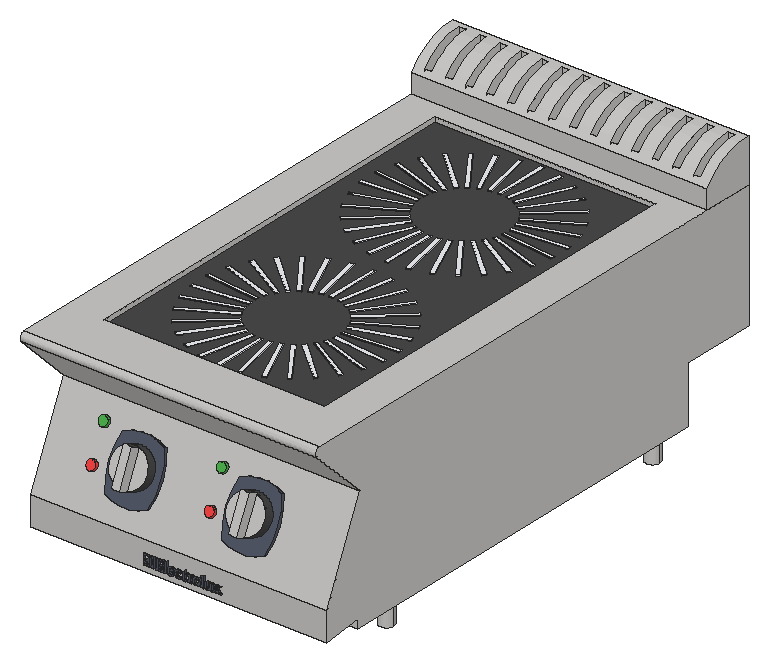
Revit family "QF_ELECTROLUXPROFESSIONAL_371131_E7INED200N", category Specialty Equipment, Revit 2018 (continued)
Lines and regions (mm)
  symbolic lines
    curve 242: line (315.455, -451.829, 266.887) -> (312.955, -447.499, 266.887)
    curve 243: line (296.465, -425.488, 266.887) -> (241.922, -474.6, 266.887)
    curve 244: line (241.922, -474.6, 266.887) -> (245.267, -478.316, 266.887)
    curve 245: line (245.267, -478.316, 266.887) -> (299.811, -429.204, 266.887)
    curve 246: line (299.811, -429.204, 266.887) -> (296.465, -425.488, 266.887)
    curve 247: line (275.76, -407.387, 266.887) -> (232.619, -466.765, 266.887)
    curve 248: line (232.619, -466.765, 266.887) -> (236.664, -469.704, 266.887)
    curve 249: line (236.664, -469.704, 266.887) -> (279.805, -410.326, 266.887)
    curve 250: line (279.805, -410.326, 266.887) -> (275.76, -407.387, 266.887)
    curve 251: line (251.743, -393.986, 266.887) -> (221.891, -461.036, 266.887)
    curve 252: line (221.891, -461.036, 266.887) -> (226.458, -463.07, 266.887)
    curve 253: line (226.458, -463.07, 266.887) -> (256.311, -396.019, 266.887)
    curve 254: line (256.311, -396.019, 266.887) -> (251.743, -393.986, 266.887)
    curve 255: line (225.465, -385.871, 266.887) -> (210.206, -457.663, 266.887)
    curve 256: line (210.206, -457.663, 266.887) -> (215.096, -458.702, 266.887)
    curve 257: line (215.096, -458.702, 266.887) -> (230.356, -386.91, 266.887)
    curve 258: line (230.356, -386.91, 266.887) -> (225.465, -385.871, 266.887)
    curve 259: line (198.074, -383.397, 266.887) -> (198.074, -456.792, 266.887)
    curve 260: line (198.074, -456.792, 266.887) -> (203.074, -456.792, 266.887)
    curve 261: line (203.074, -456.792, 266.887) -> (203.074, -383.397, 266.887)
    curve 262: line (203.074, -383.397, 266.887) -> (198.074, -383.397, 266.887)
    curve 263: line (170.768, -386.671, 266.887) -> (186.028, -458.463, 266.887)
    curve 264: line (186.028, -458.463, 266.887) -> (190.918, -457.424, 266.887)
    curve 265: line (190.918, -457.424, 266.887) -> (175.658, -385.632, 266.887)
    curve 266: line (175.658, -385.632, 266.887) -> (170.768, -386.671, 266.887)
    curve 267: line (144.738, -395.552, 266.887) -> (174.591, -462.602, 266.887)
    curve 268: line (174.591, -462.602, 266.887) -> (179.159, -460.569, 266.887)
    curve 269: line (179.159, -460.569, 266.887) -> (149.306, -393.518, 266.887)
    curve 270: line (149.306, -393.518, 266.887) -> (144.738, -395.552, 266.887)
    curve 271: line (121.124, -409.65, 266.887) -> (164.265, -469.029, 266.887)
    curve 272: line (164.265, -469.029, 266.887) -> (168.311, -466.09, 266.887)
    curve 273: line (168.311, -466.09, 266.887) -> (125.17, -406.711, 266.887)
    curve 274: line (125.17, -406.711, 266.887) -> (121.124, -409.65, 266.887)
    curve 275: line (100.958, -428.35, 266.887) -> (155.501, -477.462, 266.887)
    curve 276: line (155.501, -477.462, 266.887) -> (158.847, -473.746, 266.887)
    curve 277: line (158.847, -473.746, 266.887) -> (104.303, -424.635, 266.887)
    curve 278: line (104.303, -424.635, 266.887) -> (100.958, -428.35, 266.887)
    curve 279: line (85.12, -450.834, 266.887) -> (148.682, -487.532, 266.887)
    curve 280: line (148.682, -487.532, 266.887) -> (151.182, -483.202, 266.887)
    curve 281: line (151.182, -483.202, 266.887) -> (87.62, -446.504, 266.887)
    curve 282: line (87.62, -446.504, 266.887) -> (85.12, -450.834, 266.887)
    curve 283: line (74.302, -476.12, 266.887) -> (144.106, -498.801, 266.887)
    curve 284: line (144.106, -498.801, 266.887) -> (145.651, -494.046, 266.887)
    curve 285: line (145.651, -494.046, 266.887) -> (75.847, -471.365, 266.887)
    curve 286: line (75.847, -471.365, 266.887) -> (74.302, -476.12, 266.887)
    curve 287: line (68.979, -503.103, 266.887) -> (141.972, -510.775, 266.887)
    curve 288: line (141.972, -510.775, 266.887) -> (142.495, -505.802, 266.887)
    curve 289: line (142.495, -505.802, 266.887) -> (69.501, -498.13, 266.887)
    curve 290: line (69.501, -498.13, 266.887) -> (68.979, -503.103, 266.887)
    curve 291: line (69.381, -530.602, 266.887) -> (142.375, -522.93, 266.887)
    curve 292: line (142.375, -522.93, 266.887) -> (141.852, -517.958, 266.887)
    curve 293: line (141.852, -517.958, 266.887) -> (68.858, -525.629, 266.887)
    curve 294: line (68.858, -525.629, 266.887) -> (69.381, -530.602, 266.887)
    curve 295: line (75.492, -557.417, 266.887) -> (145.296, -534.736, 266.887)
    curve 296: line (145.296, -534.736, 266.887) -> (143.751, -529.981, 266.887)
    curve 297: line (143.751, -529.981, 266.887) -> (73.947, -552.662, 266.887)
    curve 298: line (73.947, -552.662, 266.887) -> (75.492, -557.417, 266.887)
    curve 299: line (87.045, -582.375, 266.887) -> (150.608, -545.677, 266.887)
    curve 300: line (150.608, -545.677, 266.887) -> (148.108, -541.347, 266.887)
    curve 301: line (148.108, -541.347, 266.887) -> (84.545, -578.045, 266.887)
    curve 302: line (84.545, -578.045, 266.887) -> (87.045, -582.375, 266.887)
    curve 303: line (103.535, -604.386, 266.887) -> (158.078, -555.275, 266.887)
    curve 304: line (158.078, -555.275, 266.887) -> (154.733, -551.559, 266.887)
    curve 305: line (154.733, -551.559, 266.887) -> (100.189, -600.671, 266.887)
    curve 306: line (100.189, -600.671, 266.887) -> (103.535, -604.386, 266.887)
    curve 307: line (124.24, -622.488, 266.887) -> (167.381, -563.109, 266.887)
    curve 308: line (167.381, -563.109, 266.887) -> (163.336, -560.17, 266.887)
    curve 309: line (163.336, -560.17, 266.887) -> (120.195, -619.549, 266.887)
    curve 310: line (120.195, -619.549, 266.887) -> (124.24, -622.488, 266.887)
    curve 311: line (148.257, -635.889, 266.887) -> (178.109, -568.839, 266.887)
    curve 312: line (178.109, -568.839, 266.887) -> (173.542, -566.805, 266.887)
    curve 313: line (173.542, -566.805, 266.887) -> (143.689, -633.855, 266.887)
    curve 314: line (143.689, -633.855, 266.887) -> (148.257, -635.889, 266.887)
Dimensions and locks
  equal spacing: plane 3 "LEFT", plane 7 "Center Y", plane 4 "RIGHT"
  "Width": plane 3 "LEFT" to plane 4 "RIGHT"
  equal spacing: plane 5 "FRONT", plane 8 "Center X", plane 1 "BACK"
  "Depth": plane 5 "FRONT" to plane 1 "BACK"
  "Height": plane 6 "TOP" to level
  "Base Height": plane 9 "BASE" to level
  plane 1 "BACK" to plane 5 "FRONT" = 730 mm
  plane 10 "TOP A" to plane 9 "BASE" = 249.237 mm
  aligned and locked: level to plane 2
  aligned and locked: plane 4 "RIGHT" to Extrusion 1
  aligned and locked: plane 4 "RIGHT" to Extrusion 2
  aligned and locked: plane 9 "BASE" to Extrusion 18
  aligned and locked: plane 6 "TOP" to Extrusion 25
Automatic sketch dimensions
  Extrusion 27 sketch curve to Extrusion 27 sketch curve = 5 mm
  Extrusion 27 sketch curve to Extrusion 27 sketch curve = 73.396 mm
  Extrusion 28 sketch curve to Extrusion 28 sketch curve = 5 mm
  Extrusion 28 sketch curve to Extrusion 28 sketch curve = 73.396 mm
  Extrusion 29 sketch curve to Extrusion 29 sketch curve = 5 mm
  Extrusion 29 sketch curve to Extrusion 29 sketch curve = 73.396 mm
  Extrusion 30 sketch curve to Extrusion 30 sketch curve = 5 mm
  Extrusion 30 sketch curve to Extrusion 30 sketch curve = 73.396 mm
  Extrusion 31 sketch curve to Extrusion 31 sketch curve = 5 mm
  Extrusion 31 sketch curve to Extrusion 31 sketch curve = 73.396 mm
  Extrusion 32 sketch curve to Extrusion 32 sketch curve = 5 mm
  Extrusion 32 sketch curve to Extrusion 32 sketch curve = 73.396 mm
  Extrusion 33 sketch curve to Extrusion 33 sketch curve = 5 mm
  Extrusion 33 sketch curve to Extrusion 33 sketch curve = 73.396 mm
  Extrusion 34 sketch curve to Extrusion 34 sketch curve = 5 mm
  Extrusion 34 sketch curve to Extrusion 34 sketch curve = 73.396 mm
  Extrusion 35 sketch curve to Extrusion 35 sketch curve = 5 mm
  Extrusion 35 sketch curve to Extrusion 35 sketch curve = 73.396 mm
  Extrusion 36 sketch curve to Extrusion 36 sketch curve = 5 mm
  Extrusion 36 sketch curve to Extrusion 36 sketch curve = 73.396 mm
  Extrusion 37 sketch curve to Extrusion 37 sketch curve = 5 mm
  Extrusion 37 sketch curve to Extrusion 37 sketch curve = 73.396 mm
  Extrusion 38 sketch curve to Extrusion 38 sketch curve = 5 mm
  Extrusion 38 sketch curve to Extrusion 38 sketch curve = 73.396 mm
  Extrusion 39 sketch curve to Extrusion 39 sketch curve = 5 mm
  Extrusion 39 sketch curve to Extrusion 39 sketch curve = 73.396 mm
  Extrusion 40 sketch curve to Extrusion 40 sketch curve = 5 mm
  Extrusion 40 sketch curve to Extrusion 40 sketch curve = 73.396 mm
  Extrusion 41 sketch curve to Extrusion 41 sketch curve = 5 mm
  Extrusion 41 sketch curve to Extrusion 41 sketch curve = 73.396 mm
  Extrusion 42 sketch curve to Extrusion 42 sketch curve = 5 mm
  Extrusion 42 sketch curve to Extrusion 42 sketch curve = 73.396 mm
  Extrusion 43 sketch curve to Extrusion 43 sketch curve = 5 mm
  Extrusion 43 sketch curve to Extrusion 43 sketch curve = 73.396 mm
  Extrusion 44 sketch curve to Extrusion 44 sketch curve = 5 mm
  Extrusion 44 sketch curve to Extrusion 44 sketch curve = 73.396 mm
  Extrusion 45 sketch curve to Extrusion 45 sketch curve = 5 mm
  Extrusion 45 sketch curve to Extrusion 45 sketch curve = 73.396 mm
  Extrusion 46 sketch curve to Extrusion 46 sketch curve = 5 mm
  Extrusion 46 sketch curve to Extrusion 46 sketch curve = 73.396 mm
  Extrusion 47 sketch curve to Extrusion 47 sketch curve = 5 mm
  Extrusion 47 sketch curve to Extrusion 47 sketch curve = 73.396 mm
  Extrusion 48 sketch curve to Extrusion 48 sketch curve = 5 mm
  Extrusion 48 sketch curve to Extrusion 48 sketch curve = 73.396 mm
  Extrusion 49 sketch curve to Extrusion 49 sketch curve = 5 mm
  Extrusion 49 sketch curve to Extrusion 49 sketch curve = 73.396 mm
  Extrusion 50 sketch curve to Extrusion 50 sketch curve = 5 mm
  Extrusion 50 sketch curve to Extrusion 50 sketch curve = 73.396 mm
  Extrusion 51 sketch curve to Extrusion 51 sketch curve = 5 mm
  Extrusion 51 sketch curve to Extrusion 51 sketch curve = 73.396 mm
  Extrusion 52 sketch curve to Extrusion 52 sketch curve = 5 mm
  Extrusion 52 sketch curve to Extrusion 52 sketch curve = 73.396 mm
  Extrusion 53 sketch curve to Extrusion 53 sketch curve = 5 mm
  Extrusion 53 sketch curve to Extrusion 53 sketch curve = 73.396 mm
  Extrusion 54 sketch curve to Extrusion 54 sketch curve = 5 mm
  Extrusion 54 sketch curve to Extrusion 54 sketch curve = 73.396 mm
  Extrusion 55 sketch curve to Extrusion 55 sketch curve = 5 mm
  Extrusion 55 sketch curve to Extrusion 55 sketch curve = 73.396 mm
  Extrusion 56 sketch curve to Extrusion 56 sketch curve = 5 mm
  Extrusion 56 sketch curve to Extrusion 56 sketch curve = 73.396 mm
  Extrusion 57 sketch curve to Extrusion 57 sketch curve = 5 mm
  Extrusion 57 sketch curve to Extrusion 57 sketch curve = 73.396 mm
  Extrusion 58 sketch curve to Extrusion 58 sketch curve = 5 mm
  Extrusion 58 sketch curve to Extrusion 58 sketch curve = 73.396 mm
  Extrusion 59 sketch curve to Extrusion 59 sketch curve = 5 mm
  Extrusion 59 sketch curve to Extrusion 59 sketch curve = 73.396 mm
  Extrusion 60 sketch curve to Extrusion 60 sketch curve = 5 mm
  Extrusion 60 sketch curve to Extrusion 60 sketch curve = 73.396 mm
  Extrusion 61 sketch curve to Extrusion 61 sketch curve = 5 mm
  Extrusion 61 sketch curve to Extrusion 61 sketch curve = 73.396 mm
  Extrusion 62 sketch curve to Extrusion 62 sketch curve = 5 mm
  Extrusion 62 sketch curve to Extrusion 62 sketch curve = 73.396 mm
  Extrusion 63 sketch curve to Extrusion 63 sketch curve = 5 mm
  Extrusion 63 sketch curve to Extrusion 63 sketch curve = 73.396 mm
  Extrusion 64 sketch curve to Extrusion 64 sketch curve = 5 mm
  Extrusion 64 sketch curve to Extrusion 64 sketch curve = 73.396 mm
  Extrusion 65 sketch curve to Extrusion 65 sketch curve = 5 mm
  Extrusion 65 sketch curve to Extrusion 65 sketch curve = 73.396 mm
  Extrusion 66 sketch curve to Extrusion 66 sketch curve = 5 mm
  Extrusion 66 sketch curve to Extrusion 66 sketch curve = 73.396 mm
  Extrusion 67 sketch curve to Extrusion 67 sketch curve = 5 mm
  Extrusion 67 sketch curve to Extrusion 67 sketch curve = 73.396 mm
  Extrusion 68 sketch curve to Extrusion 68 sketch curve = 5 mm
  Extrusion 68 sketch curve to Extrusion 68 sketch curve = 73.396 mm
  Extrusion 69 sketch curve to Extrusion 69 sketch curve = 5 mm
  Extrusion 69 sketch curve to Extrusion 69 sketch curve = 73.396 mm
  Extrusion 70 sketch curve to Extrusion 70 sketch curve = 5 mm
  Extrusion 70 sketch curve to Extrusion 70 sketch curve = 73.396 mm
  Extrusion 71 sketch curve to Extrusion 71 sketch curve = 5 mm
  Extrusion 71 sketch curve to Extrusion 71 sketch curve = 73.396 mm
  Extrusion 72 sketch curve to Extrusion 72 sketch curve = 5 mm
  Extrusion 72 sketch curve to Extrusion 72 sketch curve = 73.396 mm
  Extrusion 73 sketch curve to Extrusion 73 sketch curve = 5 mm
  Extrusion 73 sketch curve to Extrusion 73 sketch curve = 73.396 mm
  Extrusion 74 sketch curve to Extrusion 74 sketch curve = 5 mm
  Extrusion 74 sketch curve to Extrusion 74 sketch curve = 73.396 mm
  Extrusion 75 sketch curve to Extrusion 75 sketch curve = 5 mm
  Extrusion 75 sketch curve to Extrusion 75 sketch curve = 73.396 mm
  Extrusion 76 sketch curve to Extrusion 76 sketch curve = 5 mm
  Extrusion 76 sketch curve to Extrusion 76 sketch curve = 73.396 mm
  Extrusion 77 sketch curve to Extrusion 77 sketch curve = 5 mm
  Extrusion 77 sketch curve to Extrusion 77 sketch curve = 73.396 mm
  Extrusion 78 sketch curve to Extrusion 78 sketch curve = 5 mm
  Extrusion 78 sketch curve to Extrusion 78 sketch curve = 73.396 mm
  Extrusion 79 sketch curve to Extrusion 79 sketch curve = 5 mm
  Extrusion 79 sketch curve to Extrusion 79 sketch curve = 73.396 mm
  Extrusion 80 sketch curve to Extrusion 80 sketch curve = 5 mm
  Extrusion 80 sketch curve to Extrusion 80 sketch curve = 73.396 mm
  Extrusion 81 sketch curve to Extrusion 81 sketch curve = 5 mm
  Extrusion 81 sketch curve to Extrusion 81 sketch curve = 73.396 mm
  Extrusion 82 sketch curve to Extrusion 82 sketch curve = 5 mm
  Extrusion 82 sketch curve to Extrusion 82 sketch curve = 73.396 mm
  Extrusion 83 sketch curve to Extrusion 83 sketch curve = 5 mm
  Extrusion 83 sketch curve to Extrusion 83 sketch curve = 73.396 mm
  Extrusion 84 sketch curve to Extrusion 84 sketch curve = 5 mm
  Extrusion 84 sketch curve to Extrusion 84 sketch curve = 73.396 mm
  Extrusion 85 sketch curve to Extrusion 85 sketch curve = 5 mm
  Extrusion 85 sketch curve to Extrusion 85 sketch curve = 73.396 mm
  Extrusion 86 sketch curve to Extrusion 86 sketch curve = 5 mm
  Extrusion 86 sketch curve to Extrusion 86 sketch curve = 73.396 mm
  Extrusion 1 sketch curve to plane 10 "TOP A" = 0 mm
  Extrusion 1 sketch curve to plane 9 "BASE" = 0 mm
  Extrusion 1 sketch curve to plane 1 "BACK" = 0 mm
  Extrusion 1 sketch curve to plane 12 = 46.038 mm
  plane 11 to Extrusion 1 sketch curve = 59.531 mm
  plane 9 "BASE" to Extrusion 1 sketch curve = 12.7 mm
  plane 11 to Extrusion 1 sketch curve = 62.516 mm
  Extrusion 1 sketch curve to plane 5 "FRONT" = 16.478 mm
  Extrusion 1 sketch curve to plane 5 "FRONT" = 4.973 mm
  Extrusion 1 sketch curve to plane 5 "FRONT" = 0.483 mm
  plane 9 "BASE" to Extrusion 1 sketch curve = 7.09 mm
  Extrusion 1 sketch curve to Extrusion 1 sketch curve = 38.1 mm
  plane 9 "BASE" to Extrusion 1 sketch curve = 77.788 mm
  Extrusion 1 sketch curve to plane 10 "TOP A" = 83.191 mm
  Extrusion 1 sketch curve to plane 10 "TOP A" = 10.84 mm
  Extrusion 2 sketch curve to plane 10 "TOP A" = 0 mm
  Extrusion 2 sketch curve to plane 1 "BACK" = 0 mm
  Extrusion 2 sketch curve to plane 6 "TOP" = 0 mm
  plane 1 "BACK" to Extrusion 2 sketch curve = 1.769 mm
  plane 10 "TOP A" to Extrusion 2 sketch curve = 25.4 mm
  plane 1 "BACK" to Extrusion 2 sketch curve = 69.85 mm
  Extrusion 3 sketch curve to plane 4 "RIGHT" = 50 mm
  plane 3 "LEFT" to Extrusion 3 sketch curve = 50 mm
  Extrusion 3 sketch curve to plane 12 = 54.376 mm
  plane 11 to Extrusion 3 sketch curve = 55.377 mm
  plane 1 "BACK" to Extrusion 4 sketch curve = 6.761 mm
  plane 3 "LEFT" to Extrusion 4 sketch curve = 22.749 mm
  Extrusion 4 sketch curve to Extrusion 4 sketch curve = 9.296 mm
  Extrusion 4 sketch curve to Extrusion 4 sketch curve = 57.15 mm
  Extrusion 5 sketch curve to plane 1 "BACK" = 6.761 mm
  plane 4 "RIGHT" to Extrusion 5 sketch curve = 22.749 mm
  Extrusion 5 sketch curve to Extrusion 5 sketch curve = 9.296 mm
  Extrusion 5 sketch curve to Extrusion 5 sketch curve = 57.15 mm
  plane 1 "BACK" to Extrusion 6 sketch curve = 6.761 mm
  plane 3 "LEFT" to Extrusion 6 sketch curve = 50.737 mm
  Extrusion 6 sketch curve to Extrusion 6 sketch curve = 9.296 mm
  Extrusion 6 sketch curve to Extrusion 6 sketch curve = 57.15 mm
  plane 1 "BACK" to Extrusion 7 sketch curve = 6.761 mm
  plane 3 "LEFT" to Extrusion 7 sketch curve = 78.725 mm
  Extrusion 7 sketch curve to Extrusion 7 sketch curve = 9.296 mm
  Extrusion 7 sketch curve to Extrusion 7 sketch curve = 57.15 mm
  plane 1 "BACK" to Extrusion 8 sketch curve = 6.761 mm
  Extrusion 8 sketch curve to plane 7 "Center Y" = 93.311 mm
  Extrusion 8 sketch curve to Extrusion 8 sketch curve = 9.296 mm
  Extrusion 8 sketch curve to Extrusion 8 sketch curve = 57.15 mm
  plane 1 "BACK" to Extrusion 9 sketch curve = 6.761 mm
  Extrusion 9 sketch curve to plane 7 "Center Y" = 65.323 mm
  Extrusion 9 sketch curve to Extrusion 9 sketch curve = 9.296 mm
  Extrusion 9 sketch curve to Extrusion 9 sketch curve = 57.15 mm
  plane 1 "BACK" to Extrusion 10 sketch curve = 6.761 mm
  Extrusion 10 sketch curve to plane 7 "Center Y" = 37.335 mm
  Extrusion 10 sketch curve to Extrusion 10 sketch curve = 9.296 mm
  Extrusion 10 sketch curve to Extrusion 10 sketch curve = 57.15 mm
  Extrusion 11 sketch curve to plane 7 "Center Y" = 9.346 mm
  Extrusion 11 sketch curve to Extrusion 11 sketch curve = 9.296 mm
  plane 1 "BACK" to Extrusion 11 sketch curve = 6.761 mm
  Extrusion 11 sketch curve to Extrusion 11 sketch curve = 57.15 mm
  plane 1 "BACK" to Extrusion 12 sketch curve = 6.761 mm
  plane 7 "Center Y" to Extrusion 12 sketch curve = 18.642 mm
  Extrusion 12 sketch curve to Extrusion 12 sketch curve = 9.296 mm
  Extrusion 12 sketch curve to Extrusion 12 sketch curve = 57.15 mm
  plane 1 "BACK" to Extrusion 13 sketch curve = 6.761 mm
  plane 7 "Center Y" to Extrusion 13 sketch curve = 46.63 mm
  Extrusion 13 sketch curve to Extrusion 13 sketch curve = 9.296 mm
  Extrusion 13 sketch curve to Extrusion 13 sketch curve = 57.15 mm
  plane 1 "BACK" to Extrusion 14 sketch curve = 6.761 mm
  plane 7 "Center Y" to Extrusion 14 sketch curve = 74.619 mm
  Extrusion 14 sketch curve to Extrusion 14 sketch curve = 9.296 mm
  Extrusion 14 sketch curve to Extrusion 14 sketch curve = 57.15 mm
  plane 1 "BACK" to Extrusion 15 sketch curve = 6.761 mm
  Extrusion 15 sketch curve to plane 4 "RIGHT" = 97.418 mm
  Extrusion 15 sketch curve to Extrusion 15 sketch curve = 9.296 mm
  Extrusion 15 sketch curve to Extrusion 15 sketch curve = 57.15 mm
  plane 1 "BACK" to Extrusion 16 sketch curve = 6.761 mm
  Extrusion 16 sketch curve to plane 4 "RIGHT" = 69.43 mm
  Extrusion 16 sketch curve to Extrusion 16 sketch curve = 9.296 mm
  Extrusion 16 sketch curve to Extrusion 16 sketch curve = 57.15 mm
  plane 1 "BACK" to Extrusion 17 sketch curve = 6.761 mm
  Extrusion 17 sketch curve to plane 4 "RIGHT" = 41.441 mm
  Extrusion 17 sketch curve to Extrusion 17 sketch curve = 9.296 mm
  Extrusion 17 sketch curve to Extrusion 17 sketch curve = 57.15 mm
  plane 11 to Extrusion 18 sketch curve = 0 mm  (x2)
  plane 12 to Extrusion 18 sketch curve = 0 mm  (x2)
  plane 3 "LEFT" to Extrusion 18 sketch curve = 11.112 mm  (x2)
  Extrusion 18 sketch curve to plane 4 "RIGHT" = 11.113 mm  (x2)
  Extrusion 19 sketch curve to Extrusion 1 = 31.333 mm  (x2)
  Extrusion 19 sketch curve to Extrusion 19 sketch curve = 12.3 mm  (x3)
  Extrusion 19 sketch curve to Extrusion 19 sketch curve = 34.925 mm  (x2)
  Extrusion 1 to Extrusion 19 sketch curve = 44.467 mm
  Extrusion 1 to Extrusion 19 sketch curve = 175.117 mm
  Extrusion 19 sketch curve to Extrusion 19 sketch curve = 25.727 mm
  Extrusion 19 sketch curve to Extrusion 19 sketch curve = 25.771 mm
  Extrusion 19 sketch curve to Extrusion 19 sketch curve = 28.531 mm
  Extrusion 21 sketch curve to Extrusion 21 sketch curve = 24.732 mm
  Extrusion 21 sketch curve to Extrusion 21 sketch curve = 0 mm
  Extrusion 1 to Extrusion 22 sketch curve = 29.678 mm
  Extrusion 1 to Extrusion 22 sketch curve = 65.648 mm
  Extrusion 23 sketch curve to Extrusion 1 = 54.522 mm
  Extrusion 1 to Extrusion 23 sketch curve = 65.648 mm
  Extrusion 1 to Extrusion 24 sketch curve = 33.906 mm
  Extrusion 1 to Extrusion 24 sketch curve = 63.5 mm
  plane 1 "BACK" to Extrusion 25 sketch curve = 0 mm
  Extrusion 25 sketch curve to plane 3 "LEFT" = 0 mm
  Extrusion 25 sketch curve to plane 4 "RIGHT" = 0 mm
  Extrusion 25 sketch curve to plane 3 "LEFT" = 150.019 mm
  plane 5 "FRONT" to Extrusion 25 sketch curve = 1.377 mm  (x2)
  plane 4 "RIGHT" to Extrusion 25 sketch curve = 150.019 mm
  Extrusion 25 sketch curve to plane 1 "BACK" = 150.019 mm
  curve 65 to plane 4 "RIGHT" = 0 mm
  curve 5 to plane 3 "LEFT" = 0 mm
  curve 63 to plane 3 "LEFT" = 0 mm
  plane 1 "BACK" to curve 5 = 0 mm
  plane 5 "FRONT" to curve 6 = 0 mm
  plane 4 "RIGHT" to curve 3 = 150.019 mm
  curve 12 to plane 4 "RIGHT" = 13.453 mm
  curve 11 to curve 14 = 9.296 mm
  curve 12 to curve 59 = 18.693 mm
  curve 59 to curve 62 = 9.296 mm
  curve 60 to curve 55 = 18.693 mm
  curve 55 to curve 56 = 9.296 mm
  plane 1 "BACK" to curve 51 = 6.761 mm
  curve 57 to curve 51 = 18.693 mm
  curve 51 to curve 52 = 9.296 mm
  curve 52 to curve 47 = 18.693 mm
  curve 47 to curve 48 = 9.296 mm
  plane 1 "BACK" to curve 43 = 6.761 mm
  curve 49 to curve 43 = 18.693 mm
  curve 43 to curve 44 = 9.296 mm
  plane 7 "Center Y" to curve 39 = 18.642 mm
  curve 39 to curve 40 = 9.296 mm
  curve 36 to plane 7 "Center Y" = 9.346 mm
  curve 35 to curve 38 = 9.296 mm
  curve 36 to curve 32 = 18.693 mm
  curve 31 to curve 32 = 9.296 mm
  plane 1 "BACK" to curve 30 = 6.761 mm
  curve 33 to curve 30 = 18.693 mm
  curve 27 to curve 28 = 9.296 mm
  plane 1 "BACK" to curve 23 = 6.761 mm
  curve 29 to curve 23 = 18.693 mm
  curve 23 to curve 24 = 9.296 mm
  curve 24 to curve 20 = 18.693 mm
  curve 19 to curve 20 = 9.296 mm
  curve 20 to curve 15 = 18.693 mm
  curve 15 to curve 16 = 9.296 mm
  curve 16 to curve 63 = 9.691 mm
  plane 1 "BACK" to curve 10 = 6.761 mm
  curve 17 to curve 10 = 18.693 mm
  curve 7 to curve 9 = 9.296 mm
  plane 5 "FRONT" to curve 1 = 1.377 mm
  curve 1 to plane 3 "LEFT" = 150.019 mm
  curve 2 to plane 1 "BACK" = 150.019 mm
  plane 1 "BACK" to curve 61 = 6.761 mm
  plane 1 "BACK" to curve 58 = 6.761 mm
  plane 1 "BACK" to curve 11 = 6.761 mm
  plane 1 "BACK" to curve 15 = 6.761 mm
  plane 1 "BACK" to curve 50 = 6.761 mm
  plane 1 "BACK" to curve 19 = 6.761 mm
  plane 1 "BACK" to curve 42 = 6.761 mm
  plane 1 "BACK" to curve 38 = 6.761 mm
  plane 1 "BACK" to curve 31 = 6.761 mm
  curve 33 to curve 33 = 57.15 mm
  curve 29 to curve 32 = 0 mm
  curve 31 to curve 35 = 0 mm
  curve 25 to curve 28 = 0 mm
  curve 35 to curve 39 = 0 mm
  curve 21 to curve 24 = 0 mm
  curve 39 to curve 43 = 0 mm
  curve 17 to curve 20 = 0 mm
  curve 43 to curve 47 = 0 mm
  curve 13 to curve 13 = 57.15 mm
  curve 47 to curve 51 = 0 mm
  curve 9 to curve 16 = 0 mm
  curve 51 to curve 55 = 0 mm
  curve 55 to curve 61 = 0 mm
  curve 8 to curve 64 = 5.939 mm
  curve 11 to curve 65 = 5.939 mm
  curve 64 to plane 12 = 26.988 mm
  plane 5 "FRONT" to curve 3 = 1.377 mm
  Extrusion 26 sketch curve to plane 7 "Center Y" = 0 mm
  plane 9 "BASE" to Extrusion 26 sketch curve = 10.651 mm
  plane 9 "BASE" to Extrusion 26 sketch curve = 15.692 mm
  plane 9 "BASE" to Extrusion 26 sketch curve = 15.711 mm
  Extrusion 26 sketch curve to Extrusion 26 sketch curve = 0 mm  (x28)
  Extrusion 26 sketch curve to Extrusion 26 sketch curve = 5.108 mm  (x2)
  Extrusion 26 sketch curve to Extrusion 26 sketch curve = 0.054 mm
  Extrusion 26 sketch curve to Extrusion 26 sketch curve = 0.218 mm
  Extrusion 26 sketch curve to Extrusion 26 sketch curve = 0.195 mm
  Extrusion 26 sketch curve to Extrusion 26 sketch curve = 0.249 mm
  plane 9 "BASE" to Extrusion 26 sketch curve = 16.008 mm
  Extrusion 26 sketch curve to Extrusion 26 sketch curve = 0.087 mm
  Extrusion 26 sketch curve to Extrusion 26 sketch curve = 0.358 mm
  Extrusion 26 sketch curve to Extrusion 26 sketch curve = 0.481 mm
  Extrusion 26 sketch curve to Extrusion 26 sketch curve = 0.597 mm
  Extrusion 26 sketch curve to Extrusion 26 sketch curve = 0.544 mm
  Extrusion 26 sketch curve to Extrusion 26 sketch curve = 0.936 mm
  Extrusion 26 sketch curve to Extrusion 26 sketch curve = 0.594 mm
  Extrusion 26 sketch curve to Extrusion 26 sketch curve = 0.343 mm
  Extrusion 26 sketch curve to Extrusion 26 sketch curve = 0.159 mm
  Extrusion 26 sketch curve to Extrusion 26 sketch curve = 0.826 mm
  Extrusion 26 sketch curve to Extrusion 26 sketch curve = 0.839 mm
  Extrusion 26 sketch curve to Extrusion 26 sketch curve = 0.852 mm
  Extrusion 26 sketch curve to Extrusion 26 sketch curve = 0.887 mm
  Extrusion 26 sketch curve to Extrusion 26 sketch curve = 0.928 mm
  Extrusion 26 sketch curve to Extrusion 26 sketch curve = 0.938 mm
  Extrusion 26 sketch curve to Extrusion 26 sketch curve = 0.444 mm
  Extrusion 26 sketch curve to Extrusion 26 sketch curve = 1.11 mm  (x3)
  Extrusion 26 sketch curve to Extrusion 26 sketch curve = 0.215 mm
  Extrusion 26 sketch curve to Extrusion 26 sketch curve = 1.43 mm
  Extrusion 26 sketch curve to Extrusion 26 sketch curve = 1.188 mm
  Extrusion 26 sketch curve to Extrusion 26 sketch curve = 1.21 mm  (x2)
  Extrusion 26 sketch curve to Extrusion 26 sketch curve = 0.503 mm
  Extrusion 26 sketch curve to Extrusion 26 sketch curve = 0.488 mm
  Extrusion 26 sketch curve to Extrusion 26 sketch curve = 0.462 mm
  Extrusion 26 sketch curve to Extrusion 26 sketch curve = 1.386 mm
  Extrusion 26 sketch curve to Extrusion 26 sketch curve = 1.742 mm  (x2)
  Extrusion 26 sketch curve to Extrusion 26 sketch curve = 0.821 mm
  Extrusion 26 sketch curve to Extrusion 26 sketch curve = 0.497 mm
  Extrusion 26 sketch curve to Extrusion 26 sketch curve = 0.539 mm
  Extrusion 26 sketch curve to Extrusion 26 sketch curve = 0.686 mm
  Extrusion 26 sketch curve to Extrusion 26 sketch curve = 0.408 mm
  Extrusion 26 sketch curve to Extrusion 26 sketch curve = 0.528 mm
  Extrusion 26 sketch curve to Extrusion 26 sketch curve = 1.16 mm
  Extrusion 26 sketch curve to Extrusion 26 sketch curve = 0.329 mm
  Extrusion 26 sketch curve to Extrusion 26 sketch curve = 1.054 mm
  Extrusion 26 sketch curve to Extrusion 26 sketch curve = 1.056 mm
  Extrusion 26 sketch curve to Extrusion 26 sketch curve = 0.129 mm
  Extrusion 26 sketch curve to Extrusion 26 sketch curve = 0.489 mm
  Extrusion 26 sketch curve to Extrusion 26 sketch curve = 0.441 mm
  Extrusion 26 sketch curve to Extrusion 26 sketch curve = 1.151 mm
  Extrusion 26 sketch curve to Extrusion 26 sketch curve = 1.141 mm  (x2)
  Extrusion 26 sketch curve to Extrusion 26 sketch curve = 0.768 mm
  Extrusion 26 sketch curve to Extrusion 26 sketch curve = 1.653 mm
  Extrusion 26 sketch curve to Extrusion 26 sketch curve = 0.499 mm
  Extrusion 26 sketch curve to Extrusion 26 sketch curve = 0.964 mm
  Extrusion 26 sketch curve to Extrusion 26 sketch curve = 0.949 mm
  Extrusion 26 sketch curve to Extrusion 26 sketch curve = 1.345 mm  (x2)
  Extrusion 26 sketch curve to Extrusion 26 sketch curve = 1.101 mm
  Extrusion 26 sketch curve to Extrusion 26 sketch curve = 0.432 mm
  Extrusion 26 sketch curve to Extrusion 26 sketch curve = 1.142 mm
  Extrusion 26 sketch curve to Extrusion 26 sketch curve = 0.959 mm
  Extrusion 26 sketch curve to Extrusion 26 sketch curve = 0.176 mm
  Extrusion 26 sketch curve to Extrusion 26 sketch curve = 0.728 mm
  Extrusion 26 sketch curve to Extrusion 26 sketch curve = 3.375 mm  (x2)
  Extrusion 26 sketch curve to Extrusion 26 sketch curve = 0.541 mm
  Extrusion 26 sketch curve to Extrusion 26 sketch curve = 0.955 mm
  Extrusion 26 sketch curve to Extrusion 26 sketch curve = 1.251 mm
  Extrusion 26 sketch curve to Extrusion 26 sketch curve = 0.572 mm
  Extrusion 26 sketch curve to Extrusion 26 sketch curve = 1.92 mm
  Extrusion 26 sketch curve to Extrusion 26 sketch curve = 1.224 mm
  Extrusion 26 sketch curve to Extrusion 26 sketch curve = 0.745 mm
  plane 7 "Center Y" to Extrusion 26 sketch curve = 0.572 mm
  Extrusion 26 sketch curve to Extrusion 26 sketch curve = 2.537 mm
  Extrusion 26 sketch curve to Extrusion 26 sketch curve = 0.896 mm  (x3)
  Extrusion 26 sketch curve to Extrusion 26 sketch curve = 0.036 mm
  Extrusion 26 sketch curve to Extrusion 26 sketch curve = 2.607 mm
  Extrusion 26 sketch curve to Extrusion 26 sketch curve = 0.066 mm
  Extrusion 26 sketch curve to Extrusion 26 sketch curve = 0.248 mm
  Extrusion 26 sketch curve to Extrusion 26 sketch curve = 0.449 mm
  Extrusion 26 sketch curve to Extrusion 26 sketch curve = 1.052 mm
  Extrusion 26 sketch curve to Extrusion 26 sketch curve = 1.863 mm
  Extrusion 26 sketch curve to Extrusion 26 sketch curve = 1.31 mm  (x2)
  Extrusion 26 sketch curve to Extrusion 26 sketch curve = 0.901 mm
  Extrusion 26 sketch curve to Extrusion 26 sketch curve = 1.107 mm
  Extrusion 26 sketch curve to Extrusion 26 sketch curve = 2.122 mm
  Extrusion 26 sketch curve to Extrusion 26 sketch curve = 2.101 mm
  Extrusion 26 sketch curve to Extrusion 26 sketch curve = 0.106 mm
  Extrusion 26 sketch curve to Extrusion 26 sketch curve = 0.029 mm
  Extrusion 26 sketch curve to Extrusion 26 sketch curve = 2.09 mm
  Extrusion 26 sketch curve to Extrusion 26 sketch curve = 1.279 mm
  Extrusion 26 sketch curve to Extrusion 26 sketch curve = 2.008 mm
  Extrusion 26 sketch curve to Extrusion 26 sketch curve = 0.738 mm
  Extrusion 26 sketch curve to Extrusion 26 sketch curve = 0.382 mm
  Extrusion 26 sketch curve to Extrusion 26 sketch curve = 0.384 mm
  Extrusion 26 sketch curve to Extrusion 26 sketch curve = 0.002 mm
  Extrusion 26 sketch curve to Extrusion 26 sketch curve = 0.561 mm
  Extrusion 26 sketch curve to Extrusion 26 sketch curve = 0.592 mm
  Extrusion 26 sketch curve to Extrusion 26 sketch curve = 2.692 mm
  Extrusion 26 sketch curve to Extrusion 26 sketch curve = 1.259 mm
  Extrusion 26 sketch curve to Extrusion 26 sketch curve = 0.802 mm
  Extrusion 26 sketch curve to Extrusion 26 sketch curve = 1.024 mm  (x2)
  Extrusion 26 sketch curve to Extrusion 26 sketch curve = 0.682 mm
  Extrusion 26 sketch curve to Extrusion 26 sketch curve = 5.934 mm
  Extrusion 26 sketch curve to Extrusion 26 sketch curve = 2.186 mm
  Extrusion 26 sketch curve to Extrusion 26 sketch curve = 0.337 mm
  Extrusion 26 sketch curve to Extrusion 26 sketch curve = 0.021 mm
  Extrusion 26 sketch curve to Extrusion 26 sketch curve = 1.005 mm
  Extrusion 26 sketch curve to Extrusion 26 sketch curve = 0.552 mm
  Extrusion 26 sketch curve to Extrusion 26 sketch curve = 0.778 mm
  Extrusion 26 sketch curve to Extrusion 26 sketch curve = 0.063 mm
  Extrusion 26 sketch curve to Extrusion 26 sketch curve = 1.023 mm
  Extrusion 26 sketch curve to Extrusion 26 sketch curve = 3.804 mm
  Extrusion 26 sketch curve to Extrusion 26 sketch curve = 0.486 mm
  Extrusion 26 sketch curve to Extrusion 26 sketch curve = 0.266 mm  (x2)
  Extrusion 26 sketch curve to Extrusion 26 sketch curve = 1.547 mm
  Extrusion 26 sketch curve to Extrusion 26 sketch curve = 0.717 mm  (x2)
  Extrusion 26 sketch curve to Extrusion 26 sketch curve = 1.667 mm
  Extrusion 26 sketch curve to Extrusion 26 sketch curve = 3.174 mm
  Extrusion 26 sketch curve to Extrusion 26 sketch curve = 0.388 mm
  Extrusion 26 sketch curve to Extrusion 26 sketch curve = 1.342 mm
  Extrusion 26 sketch curve to Extrusion 26 sketch curve = 1.521 mm
  Extrusion 26 sketch curve to Extrusion 26 sketch curve = 0.124 mm
  Extrusion 26 sketch curve to Extrusion 26 sketch curve = 0.291 mm
  plane 7 "Center Y" to Extrusion 26 sketch curve = 11.984 mm
  Extrusion 26 sketch curve to Extrusion 26 sketch curve = 1.049 mm  (x2)
  Extrusion 26 sketch curve to Extrusion 26 sketch curve = 1.7 mm
  Extrusion 26 sketch curve to Extrusion 26 sketch curve = 0.894 mm
  Extrusion 26 sketch curve to Extrusion 26 sketch curve = 0.989 mm
  Extrusion 26 sketch curve to Extrusion 26 sketch curve = 1.168 mm
  Extrusion 26 sketch curve to Extrusion 26 sketch curve = 1.594 mm
  Extrusion 26 sketch curve to Extrusion 26 sketch curve = 0.731 mm
  Extrusion 26 sketch curve to Extrusion 26 sketch curve = 1.566 mm
  Extrusion 26 sketch curve to Extrusion 26 sketch curve = 0.064 mm
  Extrusion 26 sketch curve to Extrusion 26 sketch curve = 0.556 mm  (x3)
  Extrusion 26 sketch curve to Extrusion 26 sketch curve = 0.48 mm
  Extrusion 26 sketch curve to Extrusion 26 sketch curve = 1.018 mm
  Extrusion 26 sketch curve to Extrusion 26 sketch curve = 0.787 mm
  Extrusion 26 sketch curve to Extrusion 26 sketch curve = 0.618 mm
  Extrusion 26 sketch curve to Extrusion 26 sketch curve = 1.672 mm
  Extrusion 26 sketch curve to Extrusion 26 sketch curve = 1.361 mm
  Extrusion 26 sketch curve to Extrusion 26 sketch curve = 0.822 mm
  Extrusion 26 sketch curve to Extrusion 26 sketch curve = 0.069 mm
  Extrusion 26 sketch curve to Extrusion 26 sketch curve = 1.88 mm
  Extrusion 26 sketch curve to Extrusion 26 sketch curve = 0.42 mm
  Extrusion 26 sketch curve to Extrusion 26 sketch curve = 0.062 mm
  Extrusion 26 sketch curve to Extrusion 26 sketch curve = 1.355 mm
  Extrusion 26 sketch curve to Extrusion 26 sketch curve = 2.34 mm
  Extrusion 26 sketch curve to Extrusion 26 sketch curve = 0.493 mm
  Extrusion 26 sketch curve to Extrusion 26 sketch curve = 0.136 mm
  Extrusion 26 sketch curve to Extrusion 26 sketch curve = 0.128 mm
  Extrusion 26 sketch curve to Extrusion 26 sketch curve = 3.616 mm
  Extrusion 26 sketch curve to Extrusion 26 sketch curve = 4.207 mm
  Extrusion 26 sketch curve to Extrusion 26 sketch curve = 0.183 mm
  Extrusion 26 sketch curve to Extrusion 26 sketch curve = 0.895 mm
  Extrusion 26 sketch curve to Extrusion 26 sketch curve = 1.314 mm
  Extrusion 26 sketch curve to Extrusion 26 sketch curve = 3.231 mm
  Extrusion 26 sketch curve to Extrusion 26 sketch curve = 1.299 mm
  Extrusion 26 sketch curve to Extrusion 26 sketch curve = 1.214 mm
  Extrusion 26 sketch curve to Extrusion 26 sketch curve = 1.264 mm
  Extrusion 26 sketch curve to Extrusion 26 sketch curve = 0.109 mm
  Extrusion 26 sketch curve to Extrusion 26 sketch curve = 0.357 mm
  Extrusion 26 sketch curve to Extrusion 26 sketch curve = 0.565 mm
  Extrusion 26 sketch curve to Extrusion 26 sketch curve = 2.504 mm
  Extrusion 26 sketch curve to Extrusion 26 sketch curve = 2.459 mm
  Extrusion 26 sketch curve to Extrusion 26 sketch curve = 0.32 mm
  Extrusion 26 sketch curve to Extrusion 26 sketch curve = 1.322 mm
  Extrusion 26 sketch curve to Extrusion 26 sketch curve = 1.134 mm
  Extrusion 26 sketch curve to Extrusion 26 sketch curve = 2.51 mm
  Extrusion 26 sketch curve to Extrusion 26 sketch curve = 0.187 mm
  Extrusion 26 sketch curve to Extrusion 26 sketch curve = 2.559 mm
  Extrusion 26 sketch curve to Extrusion 26 sketch curve = 1.556 mm
  Extrusion 26 sketch curve to Extrusion 26 sketch curve = 0.222 mm
  Extrusion 26 sketch curve to Extrusion 26 sketch curve = 1.383 mm
  Extrusion 26 sketch curve to Extrusion 26 sketch curve = 3.114 mm
  Extrusion 26 sketch curve to Extrusion 26 sketch curve = 3.376 mm
  Extrusion 26 sketch curve to Extrusion 26 sketch curve = 0.934 mm
  Extrusion 26 sketch curve to Extrusion 26 sketch curve = 0.191 mm
  Extrusion 26 sketch curve to Extrusion 26 sketch curve = 3.696 mm
  Extrusion 26 sketch curve to Extrusion 26 sketch curve = 2.708 mm
  Extrusion 26 sketch curve to Extrusion 26 sketch curve = 3.333 mm
  Extrusion 26 sketch curve to Extrusion 26 sketch curve = 0.332 mm
  Extrusion 26 sketch curve to Extrusion 26 sketch curve = 1.087 mm
  Extrusion 26 sketch curve to Extrusion 26 sketch curve = 2.23 mm
  Extrusion 26 sketch curve to Extrusion 26 sketch curve = 2.757 mm
  Extrusion 26 sketch curve to Extrusion 26 sketch curve = 0.987 mm
  Extrusion 26 sketch curve to Extrusion 26 sketch curve = 1.529 mm
  Extrusion 26 sketch curve to Extrusion 26 sketch curve = 1.796 mm
  Extrusion 26 sketch curve to Extrusion 26 sketch curve = 2.859 mm
  Extrusion 26 sketch curve to Extrusion 26 sketch curve = 0.853 mm
  Extrusion 26 sketch curve to Extrusion 26 sketch curve = 1.241 mm
  Extrusion 26 sketch curve to Extrusion 26 sketch curve = 2.046 mm  (x2)
  Extrusion 26 sketch curve to Extrusion 26 sketch curve = 2.422 mm
  Extrusion 26 sketch curve to Extrusion 26 sketch curve = 0.27 mm  (x2)
  Extrusion 26 sketch curve to Extrusion 26 sketch curve = 0.69 mm
  Extrusion 26 sketch curve to Extrusion 26 sketch curve = 0.781 mm  (x2)
  Extrusion 26 sketch curve to Extrusion 26 sketch curve = 3.136 mm
  Extrusion 26 sketch curve to Extrusion 26 sketch curve = 1.767 mm
  Extrusion 26 sketch curve to Extrusion 26 sketch curve = 0.138 mm
  Extrusion 26 sketch curve to Extrusion 26 sketch curve = 0.777 mm
  Extrusion 26 sketch curve to Extrusion 26 sketch curve = 1.19 mm
  Extrusion 26 sketch curve to Extrusion 26 sketch curve = 0.782 mm
  Extrusion 26 sketch curve to Extrusion 26 sketch curve = 1.268 mm
  Extrusion 26 sketch curve to Extrusion 26 sketch curve = 0.422 mm  (x2)
  Extrusion 26 sketch curve to Extrusion 26 sketch curve = 1.559 mm
  Extrusion 26 sketch curve to Extrusion 26 sketch curve = 3.927 mm
  Extrusion 26 sketch curve to Extrusion 26 sketch curve = 0.983 mm
  Extrusion 26 sketch curve to Extrusion 26 sketch curve = 0.366 mm
  Extrusion 26 sketch curve to Extrusion 26 sketch curve = 0.094 mm
  Extrusion 26 sketch curve to Extrusion 26 sketch curve = 1.584 mm
  Extrusion 26 sketch curve to Extrusion 26 sketch curve = 1.501 mm
  Extrusion 26 sketch curve to Extrusion 26 sketch curve = 1.808 mm
  Extrusion 26 sketch curve to Extrusion 26 sketch curve = 0.643 mm
  Extrusion 26 sketch curve to Extrusion 26 sketch curve = 0.916 mm
  Extrusion 26 sketch curve to Extrusion 26 sketch curve = 0.352 mm
  Extrusion 26 sketch curve to Extrusion 26 sketch curve = 0.458 mm
  Extrusion 26 sketch curve to Extrusion 26 sketch curve = 0.685 mm
  Extrusion 26 sketch curve to Extrusion 26 sketch curve = 0.905 mm
  Extrusion 26 sketch curve to Extrusion 26 sketch curve = 2.865 mm
  Extrusion 26 sketch curve to Extrusion 26 sketch curve = 0.472 mm
  Extrusion 26 sketch curve to Extrusion 26 sketch curve = 0.101 mm
  Extrusion 26 sketch curve to Extrusion 26 sketch curve = 0.54 mm
  Extrusion 26 sketch curve to Extrusion 26 sketch curve = 0.02 mm
  Extrusion 26 sketch curve to Extrusion 26 sketch curve = 0.468 mm
  Extrusion 26 sketch curve to Extrusion 26 sketch curve = 0.829 mm
  Extrusion 26 sketch curve to Extrusion 26 sketch curve = 0.582 mm
  Extrusion 26 sketch curve to Extrusion 26 sketch curve = 0.166 mm
  Extrusion 26 sketch curve to Extrusion 26 sketch curve = 0.16 mm
  Extrusion 26 sketch curve to Extrusion 26 sketch curve = 2.781 mm
  Extrusion 26 sketch curve to Extrusion 26 sketch curve = 1.118 mm
  Extrusion 26 sketch curve to Extrusion 26 sketch curve = 0.613 mm
  Extrusion 26 sketch curve to Extrusion 26 sketch curve = 0.361 mm
  Extrusion 26 sketch curve to Extrusion 26 sketch curve = 0.897 mm
  Extrusion 26 sketch curve to Extrusion 26 sketch curve = 0.167 mm
  Extrusion 26 sketch curve to Extrusion 26 sketch curve = 0.292 mm
  Extrusion 26 sketch curve to Extrusion 26 sketch curve = 0.305 mm
  Extrusion 26 sketch curve to Extrusion 26 sketch curve = 1.557 mm
  Extrusion 26 sketch curve to Extrusion 26 sketch curve = 2.499 mm
  Extrusion 26 sketch curve to Extrusion 26 sketch curve = 3.062 mm
  Extrusion 26 sketch curve to Extrusion 26 sketch curve = 2.968 mm
  Extrusion 26 sketch curve to Extrusion 26 sketch curve = 5.044 mm
  Extrusion 26 sketch curve to Extrusion 26 sketch curve = 0.629 mm  (x2)
  Extrusion 26 sketch curve to Extrusion 26 sketch curve = 1.131 mm
  Extrusion 26 sketch curve to Extrusion 26 sketch curve = 0.137 mm
  Extrusion 26 sketch curve to Extrusion 26 sketch curve = 0.027 mm
  Extrusion 26 sketch curve to Extrusion 26 sketch curve = 2.235 mm
  Extrusion 87 sketch curve to Extrusion 1 = 31.333 mm  (x2)
  Extrusion 87 sketch curve to Extrusion 87 sketch curve = 12.3 mm  (x3)
  Extrusion 87 sketch curve to Extrusion 87 sketch curve = 34.925 mm  (x2)
  Extrusion 1 to Extrusion 87 sketch curve = 44.467 mm
  Extrusion 1 to Extrusion 87 sketch curve = 66.558 mm
  Extrusion 87 sketch curve to Extrusion 87 sketch curve = 25.683 mm
  Extrusion 87 sketch curve to Extrusion 87 sketch curve = 25.727 mm
  Extrusion 87 sketch curve to Extrusion 87 sketch curve = 28.575 mm
  Extrusion 89 sketch curve to Extrusion 89 sketch curve = 24.732 mm
  Extrusion 89 sketch curve to Extrusion 89 sketch curve = 0 mm
  Extrusion 1 to Extrusion 90 sketch curve = 29.678 mm
  Extrusion 1 to Extrusion 90 sketch curve = 174.352 mm
  Extrusion 91 sketch curve to Extrusion 1 = 54.522 mm
  Extrusion 1 to Extrusion 91 sketch curve = 174.352 mm
  curve 67 to Extrusion 3 = 11.994 mm
  curve 69 to curve 69 = 11.495 mm
  curve 67 to Extrusion 3 = 263.642 mm
  curve 67 to curve 69 = 32.256 mm
  curve 72 to Extrusion 3 = 0 mm  (x3)
  curve 71 to Extrusion 3 = 0 mm
  curve 75 to curve 77 = 5 mm
  curve 76 to curve 77 = 73.396 mm
  curve 79 to curve 81 = 5 mm
  curve 80 to curve 81 = 73.396 mm
  curve 83 to curve 85 = 5 mm
  curve 84 to curve 85 = 73.396 mm
  curve 87 to curve 89 = 5 mm
  curve 88 to curve 89 = 73.396 mm
  curve 91 to curve 93 = 5 mm
  curve 92 to curve 93 = 73.396 mm
  curve 95 to curve 97 = 5 mm
  curve 96 to curve 97 = 73.396 mm
  curve 99 to curve 101 = 5 mm
  curve 100 to curve 101 = 73.396 mm
  curve 103 to curve 105 = 5 mm
  curve 104 to curve 105 = 73.396 mm
  curve 107 to curve 109 = 5 mm
  curve 108 to curve 109 = 73.396 mm
  curve 111 to curve 113 = 5 mm
  curve 112 to curve 113 = 73.396 mm
  curve 115 to curve 117 = 5 mm
  curve 116 to curve 117 = 73.396 mm
  curve 119 to curve 121 = 5 mm
  curve 120 to curve 121 = 73.396 mm
  curve 123 to curve 125 = 5 mm
  curve 124 to curve 125 = 73.396 mm
  curve 127 to curve 129 = 5 mm
  curve 128 to curve 129 = 73.396 mm
  curve 131 to curve 133 = 5 mm
  curve 132 to curve 133 = 73.396 mm
  curve 135 to curve 137 = 5 mm
  curve 136 to curve 137 = 73.396 mm
  curve 139 to curve 141 = 5 mm
  curve 140 to curve 141 = 73.396 mm
  curve 143 to curve 145 = 5 mm
  curve 144 to curve 145 = 73.396 mm
  curve 147 to curve 149 = 5 mm
  curve 148 to curve 149 = 73.396 mm
  curve 151 to curve 153 = 5 mm
  curve 152 to curve 153 = 73.396 mm
  curve 155 to curve 157 = 5 mm
  curve 156 to curve 157 = 73.396 mm
  curve 159 to curve 161 = 5 mm
  curve 160 to curve 161 = 73.396 mm
  curve 163 to curve 165 = 5 mm
  curve 164 to curve 165 = 73.396 mm
  curve 167 to curve 169 = 5 mm
  curve 168 to curve 169 = 73.396 mm
  curve 171 to curve 173 = 5 mm
  curve 172 to curve 173 = 73.396 mm
  curve 175 to curve 177 = 5 mm
  curve 176 to curve 177 = 73.396 mm
  curve 179 to curve 181 = 5 mm
  curve 180 to curve 181 = 73.396 mm
  curve 183 to curve 185 = 5 mm
  curve 184 to curve 185 = 73.396 mm
  curve 187 to curve 189 = 5 mm
  curve 188 to curve 189 = 73.396 mm
  curve 191 to curve 193 = 5 mm
  curve 192 to curve 193 = 73.396 mm
  curve 195 to curve 197 = 5 mm
  curve 196 to curve 197 = 73.396 mm
  curve 199 to curve 201 = 5 mm
  curve 200 to curve 201 = 73.396 mm
  curve 203 to curve 205 = 5 mm
  curve 204 to curve 205 = 73.396 mm
  curve 207 to curve 209 = 5 mm
  curve 208 to curve 209 = 73.396 mm
  curve 211 to curve 213 = 5 mm
  curve 212 to curve 213 = 73.396 mm
  curve 215 to curve 217 = 5 mm
  curve 216 to curve 217 = 73.396 mm
  curve 219 to curve 221 = 5 mm
  curve 220 to curve 221 = 73.396 mm
  curve 223 to curve 225 = 5 mm
  curve 224 to curve 225 = 73.396 mm
  curve 227 to curve 229 = 5 mm
  curve 228 to curve 229 = 73.396 mm
  curve 231 to curve 233 = 5 mm
  curve 232 to curve 233 = 73.396 mm
  curve 235 to curve 237 = 5 mm
  curve 236 to curve 237 = 73.396 mm
  curve 239 to curve 241 = 5 mm
  curve 240 to curve 241 = 73.396 mm
  curve 243 to curve 245 = 5 mm
  curve 244 to curve 245 = 73.396 mm
  curve 247 to curve 249 = 5 mm
  curve 248 to curve 249 = 73.396 mm
  curve 251 to curve 253 = 5 mm
  curve 252 to curve 253 = 73.396 mm
  curve 255 to curve 257 = 5 mm
  curve 256 to curve 257 = 73.396 mm
  curve 259 to curve 261 = 5 mm
  curve 260 to curve 261 = 73.396 mm
  curve 263 to curve 265 = 5 mm
  curve 264 to curve 265 = 73.396 mm
  curve 267 to curve 269 = 5 mm
  curve 268 to curve 269 = 73.396 mm
  curve 271 to curve 273 = 5 mm
  curve 272 to curve 273 = 73.396 mm
  curve 275 to curve 277 = 5 mm
  curve 276 to curve 277 = 73.396 mm
  curve 279 to curve 281 = 5 mm
  curve 280 to curve 281 = 73.396 mm
  curve 283 to curve 285 = 5 mm
  curve 284 to curve 285 = 73.396 mm
  curve 287 to curve 289 = 5 mm
  curve 288 to curve 289 = 73.396 mm
  curve 291 to curve 293 = 5 mm
  curve 292 to curve 293 = 73.396 mm
  curve 295 to curve 297 = 5 mm
  curve 296 to curve 297 = 73.396 mm
  curve 299 to curve 301 = 5 mm
  curve 300 to curve 301 = 73.396 mm
  curve 303 to curve 305 = 5 mm
  curve 304 to curve 305 = 73.396 mm
  curve 307 to curve 309 = 5 mm
  curve 308 to curve 309 = 73.396 mm
  curve 311 to curve 313 = 5 mm
  curve 312 to curve 313 = 73.396 mm
  radius of Extrusion 18 sketch curve = 9.525 mm  (x4)
  radius of Extrusion 20 sketch curve = 25.4 mm
  radius of Extrusion 21 sketch curve to Extrusion 20 = 0 mm  (x2)
  radius of Extrusion 22 sketch curve = 6.35 mm
  radius of Extrusion 23 sketch curve = 6.4 mm
  radius of Extrusion 24 sketch curve = 12.7 mm
  radius of Extrusion 88 sketch curve = 25.4 mm
  radius of Extrusion 89 sketch curve to Extrusion 88 = 0 mm  (x2)
  radius of Extrusion 90 sketch curve = 6.35 mm
  radius of Extrusion 91 sketch curve = 6.4 mm
Connectors
  electrical at (336.5, -88.9, 57.906), driven by "Volts", driven by "Watts"
    settings: on Extrusion 24, index 1, voltage 230 V, apparent load 7000 VA, apparent load phase1 0 VA, apparent load phase2 0 VA, apparent load phase3 0 VA, power factor 1, load classification "Other", number of poles 1, system type 30, power factor state 1, is connector primary yes, connector utility no, sub classification motor no, connector description "Electrical Connection"
